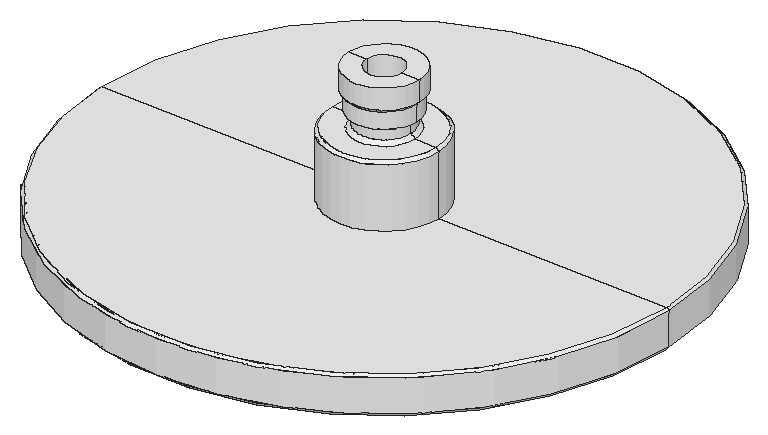
Revit family "zzzShowerhead-American_Standard-Studio_S-1660527_Series", category Plumbing Fixtures, Revit 2019 (continued)
Automatic sketch dimensions
  Revolve 43 sketch curve to Revolve 43 sketch curve = 0.07604"
  Revolve 43 sketch curve to Revolve 43 sketch curve = 0.00007"
  Revolve 43 sketch curve to Revolve 43 sketch curve = 0.03794"
  Revolve 43 sketch curve to Revolve 43 sketch curve = 0.00529"
  Revolve 43 sketch curve to Revolve 43 sketch curve = 0.11343"
  Revolve 43 sketch curve to Revolve 43 sketch curve = 0.01497"
  Revolve 44 sketch curve to level = 2.26805"
  Revolve 44 sketch curve to Revolve 44 sketch curve = 0.00004"
  Revolve 44 sketch curve to Revolve 44 sketch curve = 0.03036"
  Revolve 44 sketch curve to Revolve 44 sketch curve = 0.00003"  (x2)
  Revolve 44 sketch curve to Revolve 44 sketch curve = 0.07604"
  Revolve 44 sketch curve to Revolve 44 sketch curve = 0.00007"
  Revolve 44 sketch curve to Revolve 44 sketch curve = 0.00008"
  Revolve 44 sketch curve to Revolve 44 sketch curve = 0.00529"
  Revolve 44 sketch curve to Revolve 44 sketch curve = 0.11343"
  Revolve 44 sketch curve to Revolve 44 sketch curve = 0.01497"
  Revolve 45 sketch curve to level = 2.26805"
  Revolve 45 sketch curve to Revolve 45 sketch curve = 0.00004"
  Revolve 45 sketch curve to Revolve 45 sketch curve = 0.03036"
  Revolve 45 sketch curve to Revolve 45 sketch curve = 0.00003"  (x2)
  Revolve 45 sketch curve to Revolve 45 sketch curve = 0.07604"
  Revolve 45 sketch curve to Revolve 45 sketch curve = 0.00007"
  Revolve 45 sketch curve to Revolve 45 sketch curve = 0.03794"
  Revolve 45 sketch curve to Revolve 45 sketch curve = 0.00529"
  Revolve 45 sketch curve to Revolve 45 sketch curve = 0.11343"
  Revolve 45 sketch curve to Revolve 45 sketch curve = 0.01497"
  Revolve 46 sketch curve to level = 2.26805"
  Revolve 46 sketch curve to Revolve 46 sketch curve = 0.00004"
  Revolve 46 sketch curve to Revolve 46 sketch curve = 0.03036"
  Revolve 46 sketch curve to Revolve 46 sketch curve = 0.00003"  (x2)
  Revolve 46 sketch curve to Revolve 46 sketch curve = 0.07604"
  Revolve 46 sketch curve to Revolve 46 sketch curve = 0.00007"
  Revolve 46 sketch curve to Revolve 46 sketch curve = 0.03794"
  Revolve 46 sketch curve to Revolve 46 sketch curve = 0.00529"
  Revolve 46 sketch curve to Revolve 46 sketch curve = 0.11343"
  Revolve 46 sketch curve to Revolve 46 sketch curve = 0.01497"
  Revolve 47 sketch curve to level = 2.26805"
  Revolve 47 sketch curve to Revolve 47 sketch curve = 0.00004"
  Revolve 47 sketch curve to Revolve 47 sketch curve = 0.03036"
  Revolve 47 sketch curve to Revolve 47 sketch curve = 0.00003"  (x2)
  Revolve 47 sketch curve to Revolve 47 sketch curve = 0.07604"
  Revolve 47 sketch curve to Revolve 47 sketch curve = 0.00007"
  Revolve 47 sketch curve to Revolve 47 sketch curve = 0.00008"
  Revolve 47 sketch curve to Revolve 47 sketch curve = 0.00529"
  Revolve 47 sketch curve to Revolve 47 sketch curve = 0.11343"
  Revolve 47 sketch curve to Revolve 47 sketch curve = 0.01497"
  radius of curve 2 = 0.76798"
  radius of Masking region 1 sketch curve = 4"
Connectors (in)
  piping at (0, 0, 0), diameter 0.5, driven by "Water Connection Diameter"
    settings: on Revolve 1, index 1, connector inside diameter 24", connector length 0", flow factor 0, pipe flow 2.5 GPM, pressure drop 0.00 psi, fitting loss kfactor 0, connector angle 0.00°, fixture units 0, engagement length 0", angle of deflection 0.00°, flow configuration 0, flow direction 1, fitting loss method 0, system type 29, joint type 0, gender type 0, connector reference index -1, connector utility 0, adjustable connector no, is connector primary yes, connector description "1/2\" NPT Supply Connection"
Types (4): name | Product Page URL | Model | Material | Finish
  (no name) | "https://www.americanstandard-us.com/Rain-Showerheads/Studio-S-8-Inch-25-gpm-95-L-min-Rain-Showerhead/CHROME-1660527002" | "1660.527.002" | "Brass-American Standard-002-Polished Chrome" | Brass-American Standard-002-Polished Chrome
  1660.527.002 | "https://www.americanstandard-us.com/Rain-Showerheads/Studio-S-8-Inch-25-gpm-95-L-min-Rain-Showerhead/CHROME-1660527002" | "1660.527.002" | "Brass-American Standard-002-Polished Chrome" | Brass-American Standard-002-Polished Chrome
  1660.527.295 | "https://www.americanstandard-us.com/Rain-Showerheads/Studio-S-8-Inch-25-gpm-95-L-min-Rain-Showerhead/BRUSHED-NICKEL-1660527295" | "1660.527.295" | "Brass-American Standard-295-Brushed Nickel" | Brass-American Standard-295-Brushed Nickel
  1660.527.243 | "https://www.americanstandard-us.com/Rain-Showerheads/Studio-S-8-Inch-25-gpm-95-L-min-Rain-Showerhead/MATTE-BLACK-FITTINGS-1660527243" | "1660.527.243" | "Brass-American Standard-243-Matte Black" | Brass-American Standard-243-Matte Black
